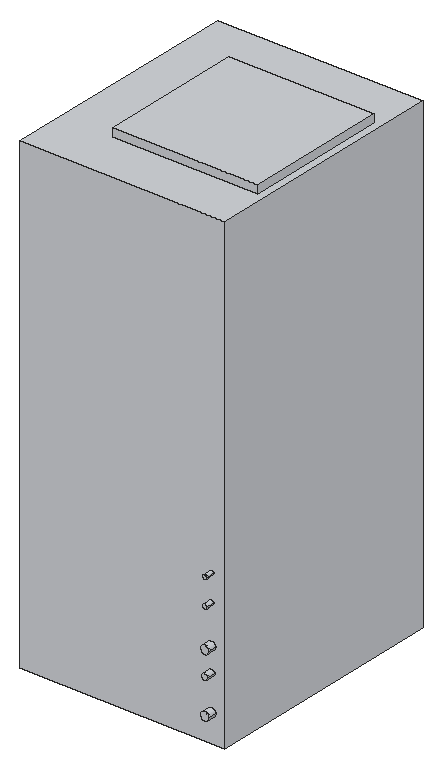
Revit family "6a4b36e06db44132824ec586e8fea2a9", category Mechanical Equipment, Revit 2021
Family settings
  Round Connector Dimension = Use Radius
  Part Type = Normal
  OmniClass Number = 23.75.10.21.17
  OmniClass Title = Water-Source Heat Pumps
  Seek Item ID = WSHP - Vertical - High Efficiency - 2-5 Tons - Left Return - Top Discharge-0000-USA-ENU
  Work Plane-Based = No
  Always vertical = Yes
  Cut with Voids When Loaded = No
  Shared = No
  Room Calculation Point = No
Parameters (values of type "5 Tons")
  Water Supply Radius = 1/2"
  Water Supply Diameter = Water Supply Radius * 2  # 1"
  Water Return Radius = 1/2"
  Water Return Diameter = Water Return Radius * 2  # 1"
  Water Pressure Drop [instance] = 3.60 psi
  Water Flow [instance] = 15 GPM
  Voltage = 208 V
  Supply Air Height = 18"
  Supply Air Width = 18"
  Return Air Width = 26 13/128"
  Return Air Height = 35 51/256"
  Pump Width = 2' - 6 77/128"
  Pump Material = none
  Pump Length = 2' - 1 51/128"
  Pump Height = 4' - 10 1/2"
  Number of Poles = 3
  Load Classification = Cooling
  Hot Water Supply Radius = 1/4"
  Hot Water Supply Diameter = Hot Water Supply Radius * 2  # 1/2"
  Hot Water Return Radius = 1/4"
  Hot Water Return Diameter = Hot Water Return Radius * 2  # 1/2"
  Hot Water Flow [instance] = 13 GPM
  Drain Flow [instance] = 0 GPM
  Default Elevation = 0' - 0"
  Condensate Radius = 3/8"
  Condensate Diameter = Condensate Radius * 2  # 3/4"
  C6 Offset 1 = 0' - 1"
  C5 Offset 2 = 0' - 6 77/256"
  C5 Offset 1 = 0' - 6 51/128"
  C4 Offset 1 = 1' - 3 77/128"
  C3 Offset 1 = 1' - 6 115/128"
  C2 Offset 1 = 0' - 10 205/256"
  C1 Offset 1 = 0' - 3 51/128"
  Apparent Load = 7696 VA
  External Static Pressure [instance] = 0.80 in-wg
  Air Flow [instance] = 2000 CFM
Types (5): name | Water Supply Radius | Water Supply Diameter | Water Return Radius | Water Return Diameter | Water Pressure Drop | Water Flow | Supply Air Height | Supply Air Width | Return Air Width | Return Air Height | Pump Width | Pump Length | Pump Height | Hot Water Flow | C5 Offset 2 | C5 Offset 1 | C4 Offset 1 | C3 Offset 1 | C2 Offset 1 | C1 Offset 1 | Apparent Load | External Static Pressure | Air Flow
  (no name) | 1/2" | 1" | 1/2" | 1" | 3.60 psi | 15 GPM | 18" | 18" | 26 13/128" | 35 51/256" | 2' - 6 77/128" | 2' - 1 51/128" | 4' - 10 1/2" | 13 GPM | 0' - 6 77/256" | 0' - 6 51/128" | 1' - 3 77/128" | 1' - 6 115/128" | 0' - 10 205/256" | 0' - 3 51/128" | 7696 VA | 0.80 in-wg | 2000 CFM
  2 Tons | 3/8" | 3/4" | 3/8" | 3/4" | 3.50 psi | 8 GPM | 14" | 14" | 21 13/128" | 27 51/256" | 2' - 1 77/128" | 1' - 10 51/128" | 4' - 0 1/2" | 5 GPM | 0' - 5 205/256" | 0' - 7 51/256" | 1' - 1 115/128" | 1' - 4 115/128" | 0' - 10" | 0' - 2 13/128" | 3952 VA | 0.60 in-wg | 800 CFM
  3 Tons | 3/8" | 3/4" | 3/8" | 3/4" | 4.50 psi | 9 GPM | 18" | 18" | 26 13/128" | 27 51/256" | 2' - 6 77/128" | 2' - 1 51/128" | 4' - 2 1/2" | 8 GPM | 0' - 6 77/256" | 0' - 6 51/128" | 1' - 3 77/128" | 1' - 6 115/128" | 0' - 10 205/256" | 0' - 3 51/128" | 5283 VA | 0.60 in-wg | 1200 CFM
  4 Tons | 1/2" | 1" | 1/2" | 1" | 3.60 psi | 12 GPM | 18" | 18" | 26 13/128" | 31 51/256" | 2' - 6 77/128" | 2' - 1 51/128" | 4' - 6 1/2" | 10 GPM | 0' - 6 77/256" | 0' - 6 51/128" | 1' - 3 77/128" | 1' - 6 115/128" | 0' - 10 205/256" | 0' - 3 51/128" | 6780 VA | 0.80 in-wg | 1600 CFM
  5 Tons | 1/2" | 1" | 1/2" | 1" | 3.60 psi | 15 GPM | 18" | 18" | 26 13/128" | 35 51/256" | 2' - 6 77/128" | 2' - 1 51/128" | 4' - 10 1/2" | 13 GPM | 0' - 6 77/256" | 0' - 6 51/128" | 1' - 3 77/128" | 1' - 6 115/128" | 0' - 10 205/256" | 0' - 3 51/128" | 7696 VA | 0.80 in-wg | 2000 CFM
Reference planes (in)
  plane 1 "Center (Front/Back)": y = 0
  plane 2: z = 0
  plane 3 "Center (Left/Right)": x = 0
  plane 4: x = 25.39844
  plane 5: y = 30.60156
  plane 6: z = 58.5
  plane 7: x = 24.39844
  plane 8: x = 6.39844
  plane 9: y = 24.30078
  plane 10: y = 6.30078
  plane 11: z = 59.5
  plane 12: z = 3.6
  plane 13: x = 1.63
  plane 14: x = 23.71844
  plane 15: z = 3.39844
  plane 16: z = 7.8
  plane 17: z = 10.80078
  plane 18: z = 15.60156
  plane 19: z = 18.89844
  plane 20: y = -1
  plane 21: z = 57.5
  plane 22: z = 22.30078
  plane 23: y = 15.30078
  plane 24: y = 28.35156
  plane 25: y = 2.25
  plane 26: x = -1
Forms (in)
  Extrusion 1, solid, material <- "Pump Material"
    sketch origin (0, 0, 0) x (1, 0, 0) y (0, 1, 0)
      loop
        line (0, 30.60156) -> (0, 0) -> (25.39844, 0) -> (25.39844, 30.60156) -> (0, 30.60156)
    from 0 to 58.5
  Extrusion 2, solid, material <- "Pump Material"
    sketch origin (0, 0, 0) x (1, 0, 0) y (0, 1, 0)
      loop
        line (6.39844, 24.30078) -> (6.39844, 6.30078) -> (24.39844, 6.30078) -> (24.39844, 24.30078) -> (6.39844, 24.30078)
    from 58.5 to 59.5
  Extrusion 3, solid, material <- "Pump Material"
    sketch origin (0, 0, 0) x (1, 0, 0) y (0, 0, 1)
      loop
        circle (1.63, 3.6) r 1
    from -1 to 0
  Extrusion 4, solid, material <- "Pump Material"
    sketch origin (0, 0, 0) x (1, 0, 0) y (0, 0, 1)
      loop
        circle (23.71844, 3.39844) r 0.5
    from 0 to 1
  Extrusion 5, solid, material <- "Pump Material"
    sketch origin (0, 0, 0) x (1, 0, 0) y (0, 0, 1)
      loop
        circle (23.71844, 7.8) r 0.375
    from 0 to 1
  Extrusion 6, solid, material <- "Pump Material"
    sketch origin (0, 0, 0) x (1, 0, 0) y (0, 0, 1)
      loop
        circle (23.71844, 10.80078) r 0.5
    from 0 to 1
  Extrusion 7, solid, material <- "Pump Material"
    sketch origin (0, 0, 0) x (1, 0, 0) y (0, 0, 1)
      loop
        circle (23.71844, 15.60156) r 0.25
    from 0 to 1
  Extrusion 8, solid, material <- "Pump Material"
    sketch origin (0, 0, 0) x (1, 0, 0) y (0, 0, 1)
      loop
        circle (23.71844, 18.89844) r 0.25
    from 0 to 1
  Extrusion 9, solid, material <- "Pump Material"
    sketch origin (0, 0, 0) x (0, 1, 0) y (0, 0, 1)
      loop
        line (2.25, 22.30078) -> (28.35156, 22.30078) -> (28.35156, 57.5) -> (2.25, 57.5) -> (2.25, 22.30078)
    from -1 to 0
Cuts and joins
  joined: Extrusion 1, Extrusion 2, Extrusion 3, Extrusion 4, Extrusion 5, Extrusion 6, Extrusion 7, Extrusion 8, Extrusion 9
Dimensions and locks (in)
  "Pump Length": plane 3 "Center (Left/Right)" to plane 4
  "Pump Width": plane 5 to plane 1 "Center (Front/Back)"
  "Pump Height": plane 6 to level
  "C5 Offset 1": plane 3 "Center (Left/Right)" to plane 8
  "Supply Air Width": plane 8 to plane 7
  "C5 Offset 2": plane 5 to plane 9
  "Supply Air Height": plane 9 to plane 10
  locked: plane 11 to plane 6 at 1
  locked: plane 12 to level at 3.6
  locked: plane 13 to plane 3 "Center (Left/Right)" at 1.63
  locked: plane 4 to plane 14 at 1.68
  "C1 Offset 1": plane 15 to level
  locked: plane 16 to level at 7.8
  "C2 Offset 1": plane 17 to level
  "C4 Offset 1": plane 18 to level
  "C3 Offset 1": plane 19 to level
  locked: plane 20 to plane 1 "Center (Front/Back)" at 1
  "C6 Offset 1": plane 6 to plane 21
  "Return Air Height": plane 21 to plane 22
  equal spacing: plane 24, plane 23, plane 25
  "Return Air Width": plane 24 to plane 25
  locked: plane 26 to plane 3 "Center (Left/Right)" at 1
  equal spacing: plane 5, plane 23, plane 1 "Center (Front/Back)"
  "Water Supply Radius": radius of Extrusion 4 sketch curve
  "Condensate Radius": radius of Extrusion 5 sketch curve
  "Water Return Radius": radius of Extrusion 6 sketch curve
  "Hot Water Return Radius": radius of Extrusion 7 sketch curve
  "Hot Water Supply Radius": radius of Extrusion 8 sketch curve
  aligned and locked: plane 3 "Center (Left/Right)" to Extrusion 1 sketch curve
  aligned and locked: Extrusion 1 sketch curve to plane 5
  aligned and locked: plane 1 "Center (Front/Back)" to Extrusion 1 sketch curve
  aligned and locked: Extrusion 1 sketch curve to plane 4
  aligned and locked: plane 6 to Extrusion 1
  aligned and locked: Extrusion 1 to level
  aligned and locked: plane 8 to Extrusion 2 sketch curve
  aligned and locked: Extrusion 2 sketch curve to plane 9
  aligned and locked: plane 10 to Extrusion 2 sketch curve
  aligned and locked: Extrusion 2 sketch curve to plane 7
  aligned and locked: plane 11 to Extrusion 2
  aligned and locked: Extrusion 2 to plane 6
  aligned and locked: plane 12 to Extrusion 3 sketch curve
  aligned and locked: plane 13 to Extrusion 3 sketch curve
  aligned and locked: plane 1 "Center (Front/Back)" to Extrusion 3
  aligned and locked: plane 15 to Extrusion 4 sketch curve
  aligned and locked: plane 14 to Extrusion 4 sketch curve
  aligned and locked: plane 16 to Extrusion 5 sketch curve
  aligned and locked: plane 14 to Extrusion 5 sketch curve
  aligned and locked: plane 17 to Extrusion 6 sketch curve
  aligned and locked: plane 14 to Extrusion 6 sketch curve
  aligned and locked: plane 18 to Extrusion 7 sketch curve
  aligned and locked: plane 14 to Extrusion 7 sketch curve
  aligned and locked: plane 19 to Extrusion 8 sketch curve
  aligned and locked: plane 14 to Extrusion 8 sketch curve
  aligned and locked: Extrusion 8 to plane 20
  aligned and locked: Extrusion 8 to plane 1 "Center (Front/Back)"
  aligned and locked: Extrusion 7 to Extrusion 8
  aligned and locked: Extrusion 7 to plane 1 "Center (Front/Back)"
  aligned and locked: Extrusion 6 to Extrusion 7
  aligned and locked: Extrusion 6 to plane 1 "Center (Front/Back)"
  aligned and locked: Extrusion 6 to Extrusion 5
  aligned and locked: Extrusion 5 to plane 1 "Center (Front/Back)"
  aligned and locked: Extrusion 4 to Extrusion 5
  aligned and locked: Extrusion 4 to plane 1 "Center (Front/Back)"
  aligned and locked: plane 25 to Extrusion 9 sketch curve
  aligned and locked: Extrusion 9 sketch curve to plane 22
  aligned and locked: plane 21 to Extrusion 9 sketch curve
  aligned and locked: Extrusion 9 sketch curve to plane 24
  aligned and locked: Extrusion 9 to plane 26
  aligned and locked: plane 3 "Center (Left/Right)" to Extrusion 9
Automatic sketch dimensions
  radius of Extrusion 3 sketch curve = 0' - 1"
Connectors (in)
  piping at (23.71844, -1, 3.39844), diameter 1, driven by "Water Flow", driven by "Water Supply Radius"
    settings: on Extrusion 4, index 1, connector inside diameter 1", connector length 0' - 0", flow factor 0, pipe flow 15 GPM, pressure drop 0.00 psi, fitting loss kfactor 0, connector angle 0.00°, fixture units 0, engagement length 0' - 0", angle of deflection 0.00°, flow configuration 1, flow direction 1, fitting loss method 4, system type 7, joint type 0, gender type 0, connector reference index 2, connector utility 0, adjustable connector no, is connector primary yes, connector description "Water Supply In"
  piping at (23.71844, -1, 10.80078), diameter 1, driven by "Water Flow", driven by "Water Return Radius", driven by "Water Pressure Drop"
    settings: on Extrusion 6, index 2, connector inside diameter 1", connector length 0' - 0", flow factor 0, pipe flow 15 GPM, pressure drop 3.60 psi, fitting loss kfactor 0, connector angle 0.00°, fixture units 0, engagement length 0' - 0", angle of deflection 0.00°, flow configuration 1, flow direction 2, fitting loss method 4, system type 8, joint type 0, gender type 0, connector reference index 1, connector utility 0, adjustable connector no, is connector primary no, connector description "Water Return Out"
  piping at (23.71844, -1, 18.89844), diameter 0.5, driven by "Hot Water Flow", driven by "Hot Water Supply Radius"
    settings: on Extrusion 8, index 3, connector inside diameter 1/2", connector length 0' - 0", flow factor 0, pipe flow 13 GPM, pressure drop 0.00 psi, fitting loss kfactor 0, connector angle 0.00°, fixture units 0, engagement length 0' - 0", angle of deflection 0.00°, flow configuration 0, flow direction 2, fitting loss method 0, system type 7, joint type 0, gender type 0, connector reference index 4, connector utility 0, adjustable connector no, is connector primary no, connector description "Hot Water Supply Out"
  piping at (23.71844, -1, 15.60156), diameter 0.5, driven by "Hot Water Flow", driven by "Hot Water Return Radius"
    settings: on Extrusion 7, index 4, connector inside diameter 1/2", connector length 0' - 0", flow factor 0, pipe flow 13 GPM, pressure drop 0.00 psi, fitting loss kfactor 0, connector angle 0.00°, fixture units 0, engagement length 0' - 0", angle of deflection 0.00°, flow configuration 0, flow direction 1, fitting loss method 0, system type 8, joint type 0, gender type 0, connector reference index 3, connector utility 0, adjustable connector no, is connector primary no, connector description "Hot Water Return In"
  hvac at (15.39844, 15.30078, 59.5), driven by "Air Flow", driven by "Supply Air Height", driven by "Supply Air Width"
    settings: on Extrusion 2, index 5, duct flow 2000 CFM, flow factor 0, pres drop 0.80 in-wg, loss coef 0, conn angle 0.00°, conn width 18", conn height 18", conn diameter 24", duct sys type 1, conn prof type 1, flow config 0, flow direction 2, loss method 0, conn ref index 6, conn util no, is conn primary yes, conn desc ""
  hvac at (-1, 15.30078, 39.90039), driven by "Air Flow", driven by "Return Air Height", driven by "Return Air Width"
    settings: on Extrusion 9, index 6, duct flow 2000 CFM, flow factor 0, pres drop 0.60 in-wg, loss coef 0, conn angle 0.00°, conn width 26 13/128", conn height 35 51/256", conn diameter 24", duct sys type 2, conn prof type 1, flow config 0, flow direction 1, loss method 0, conn ref index 5, conn util no, is conn primary no, conn desc ""
  piping at (23.71844, -1, 7.8), diameter 0.75, driven by "Condensate Radius", driven by "Drain Flow"
    settings: on Extrusion 5, index 7, connector inside diameter 3/4", connector length 0' - 0", flow factor 0, pipe flow 0 GPM, pressure drop 0.00 psi, fitting loss kfactor 0, connector angle 0.00°, fixture units 0, engagement length 0' - 0", angle of deflection 0.00°, flow configuration 1, flow direction 2, fitting loss method 0, system type 16, joint type 0, gender type 0, connector reference index -1, connector utility 0, adjustable connector yes, is connector primary no, connector description "Condensate Out"
  electrical at (1.63, 0, 3.6), driven by "Apparent Load", driven by "Voltage", driven by "Number of Poles", driven by "Load Classification"
    settings: on Extrusion 3, index 8, voltage 208 V, apparent load 7696 VA, apparent load phase1 0 VA, apparent load phase2 0 VA, apparent load phase3 0 VA, power factor 0.8, load classification "Cooling", number of poles 3, system type 30, power factor state 1, is connector primary yes, connector utility no, sub classification motor no, connector description ""
